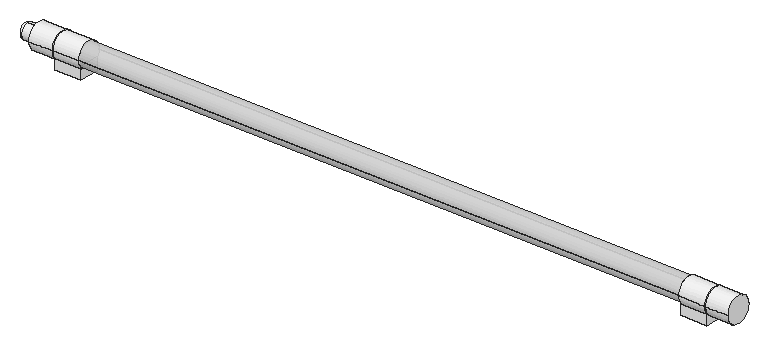
Revit family "0045121 Sylvania_Batten LED_Surface Mounted", category Lighting Fixtures, host Face, Revit 2017
Family settings
  Host = Face
  Round Connector Dimension = Use Diameter
  Part Type = Normal
  OmniClass Number = 23.80.70.11.17
  OmniClass Title = Specialized Lighting by Location or Use
  Cut with Voids When Loaded = No
  Light Source = Yes
  Shared = No
  Room Calculation Point = No
Parameters (values of type "BATTEN LED 24W 1200 830 IP67 - EURO")
  Width = Diameter  # 42.8 mm
  Weight = 0.70 kg
  Wattage = 22.4457 W
  built-in parameter 1150110 = 1 (stored number, unit not read)
  Voltage Comments = "UNV (Universal Voltage; 100-240 Volt)"  # constant formula
  Voltage = 230 V  # constant formula
  URL = "http://www.sylvania-lighting.com"
  Tube Diameter = Diameter - 2.8 mm  # 40.0 mm
  built-in parameter 1114217 = 1 (stored number, unit not read)
  Tilt Angle = -90.00°
  built-in parameter 1150109 = 1 (stored number, unit not read)
  built-in parameter 1150134 = (empty or 0)
  Ta Rating = "from -10°C to +40°C"  # constant formula
  built-in parameter 1150113 = 1 (stored number, unit not read)
  Product Page URL = "http://www.sylvania-lighting.com/product/en-int/products/0045121"
  Product Family = "BATTEN LED"  # constant formula
  Photometry Comments = ""
  Photometric Web File = "0045120_BATTENLED24W1200830IP67-EURO-164098.ies"
  Life = "30 000 h"  # constant formula
  Length = 1200.0 mm
  IP Rating = "IP67"  # constant formula
  IK Rating = "IK08"  # constant formula
  Diameter = 42.8 mm
  Height = 52.8 mm
  Emit from Line Length = Length - 85.0 mm * 2  # 1030.0 mm
  Electrical Protection = "Class II"  # constant formula
  built-in parameter 1114216 [instance] = 1 (stored number, unit not read)
  Model = "BATTEN LED 24W 1200 830 IP67 - EURO"
  Manufacturer = "Feilo Sylvania"
  built-in parameter 1150105 = 429.54 (stored number, unit not read)
  Lumens = 2065 lm
  built-in parameter 1150115 = 1 (stored number, unit not read)
  built-in parameter 1150137 = (empty or 0)
  built-in parameter 1150139 = (empty or 0)
  built-in parameter 1150112 = 1 (stored number, unit not read)
  built-in parameter 1150114 = 1 (stored number, unit not read)
  Lamp Comments = "Integral LED"  # constant formula
  Lamp = "24W"
  built-in parameter 1150132 = 2
  built-in parameter 1150102 = (empty or 0)
  built-in parameter 1150107 = 3000 (stored number, unit not read)
  built-in parameter 1150138 = (empty or 0)
  built-in parameter 1150106 = 4.2954 (stored number, unit not read)
  Cap Radius = 13.0 mm
  CRI ( Ra ) = 80  # constant formula
  Bracket Width = 33.6 mm
  Body Material = Polycarbonate_Sylvania_Batten_White
  built-in parameter 1150104 = 8.5471 (stored number, unit not read)
  Dimming Lamp Color Temperature Shift = <None>
  Diffuser Material = Polycarbonate_Sylvania_Batten_Opaque
  Description = "24W LED Batten. High light output with up to 2,200lm (luminaire output on 4,000K version). High efficiency with up to 92lm/W (total system efficiency on 4,000K version) Warm white (3,000K) or neutral white (4,000K). Fitted with UK or Euro plug. Complete with stainless steel mounting brackets. Quick and easy to install. Long lifetime - 30,000 hours. Instant light"  # constant formula
  Default Elevation = 0.0 mm
  Color Filter = 16777215
  Catalog Number = "0045120 BATTEN LED 24W 1200 830 IP67 - EURO"
  built-in parameter 1140040 [instance] = 1
  Beam Angle = 136.00°  # constant formula
  built-in parameter 1114218 = 1 (stored number, unit not read)
  built-in parameter 1150133 = 10 (stored number, unit not read)
  Assembly Code = "D5020200"
  Apparent Load Comments = ""
  Apparent Load = 24 VA
Types (3, lengths in mm): name | Wattage | built-in parameter 1150134 | Photometric Web File | Model | built-in parameter 1150105 | Lumens | built-in parameter 1150107 | built-in parameter 1150106 | Catalog Number
  BATTEN LED 24W 1200 840 IP67 - UK | 24 W | 12 | "0045124_BATTENLED24W1200840IP67-UK-164119.ies" | "BATTEN LED 24W 1200 840 IP67 - UK" | 175.71 (stored number, unit not read) | 2208 lm | 4000 (stored number, unit not read) | 1.7571 (stored number, unit not read) | "0045124 BATTEN LED 24W 1200 840 IP67 - UK"
  BATTEN LED 24W 1200 830 IP67 - EURO | 22.4457 W | (empty or 0) | "0045120_BATTENLED24W1200830IP67-EURO-164098.ies" | "BATTEN LED 24W 1200 830 IP67 - EURO" | 429.54 (stored number, unit not read) | 2065 lm | 3000 (stored number, unit not read) | 4.2954 (stored number, unit not read) | "0045120 BATTEN LED 24W 1200 830 IP67 - EURO"
  BATTEN LED 24W 1200 840 IP67 - EURO | 23.0109 W | 12 | "0045121_BATTENLED24W1200840IP67-EURO-164109.ies" | "BATTEN LED 24W 1200 840 IP67 - EURO" | 446.12 (stored number, unit not read) | 2117 lm | 4000 (stored number, unit not read) | 4.4612 (stored number, unit not read) | "0045121 BATTEN LED 24W 1200 840 IP67 - EURO"
Reference planes
  plane 1 "Center (Front/Back)": y = 0
  plane 2 "Mounting Plane": z = 0
  plane 3 "Center (Left/Right)": x = 0
  plane 4 "Fixture Right": x = 600
  plane 5 "Fixture Left": x = -600
  plane 6 "Tube Center": z = 31.376
  plane 7: y = 16.8
  plane 8: y = -16.8
  plane 9 "Cap Left": x = -560
  plane 10 "Bracket Left": x = -515
  plane 11 "Bracket Right": x = 515
  plane 12 "Cap Right": x = 560
  plane 13 "Connector plane": x = -625
  plane 14 "Lamp Bottom": z = 51.4
  plane 15 "Fixture Bottom": z = 52.8
  plane 16: z = 20.5
Forms (mm)
  Extrusion 1, solid, material "Polycarbonate_Sylvania_Batten_Opaque" <- "Diffuser Material", detail levels fine
    sketch origin (0, 0, 0) x (0, 1, 0) y (0, 0, 1)
      loop
        circle (0, 31.376) r 20
    from -515 to 515
  Extrusion 2, solid, material "Polycarbonate_Sylvania_Batten_White" <- "Body Material", detail levels fine
    sketch origin (0, 0, 0) x (0, 1, 0) y (0, 0, 1)
      loop
        circle (0, 31.376) r 21.4
    from -560 to -515
  Extrusion 3, solid, material "Polycarbonate_Sylvania_Batten_White" <- "Body Material", detail levels fine
    sketch origin (0, 0, 0) x (0, 1, 0) y (0, 0, 1)
      loop
        circle (0, 31.376) r 21.4
    from -600 to -560
  Extrusion 4, solid, material "Polycarbonate_Sylvania_Batten_White" <- "Body Material", detail levels fine
    sketch origin (160, 0, 0) x (0, 1, 0) y (0, 0, -1)
      loop
        circle (0, -31.376) r 21.4
    from -440 to -400
  Revolve 5, solid, material "Polycarbonate_Sylvania_Batten_White" <- "Body Material", detail levels fine
    sketch origin (0, 0, 0) x (1, 0, 0) y (0, 0, 1)
      loop
        line (-600, 31.376) -> (-600, 44.376) -> (-619, 44.376)
        arc (-619, 44.376) -> (-623.243, 42.618) -> (-625, 38.376) r 6
        line (-625, 38.376) -> (-625, 31.376) -> (-600, 31.376)
      axis (-625, 31.376) -> (-600, 31.376)
    angle from 0 to 360
  Extrusion 6, solid, material "Polycarbonate_Sylvania_Batten_Opaque" <- "Diffuser Material", detail levels coarse+medium
    sketch origin (1860, 0, 0) x (0, 1, 0) y (0, 0, 1)
      loop
        circle (0, 31.376) r 20
    from -2460 to -1260
  Extrusion 7, solid, material "Polycarbonate_Sylvania_Batten_White" <- "Body Material"
    sketch origin (0, 0, 0) x (0, 1, 0) y (0, 0, 1)
      loop
        line (16.8, 0) -> (16.8, 20.5) -> (-16.8, 20.5) -> (-16.8, 0) -> (16.8, 0)
    from -560 to -515
  Extrusion 8, solid, material "Polycarbonate_Sylvania_Batten_White" <- "Body Material", detail levels fine
    sketch origin (0, 0, 0) x (0, 1, 0) y (0, 0, -1)
      loop
        circle (0, -31.376) r 21.4
    from -560 to -515
  Extrusion 9, solid, material "Polycarbonate_Sylvania_Batten_White" <- "Body Material"
    sketch origin (0, 0, 0) x (0, 1, 0) y (0, 0, -1)
      loop
        line (16.8, 0) -> (-16.8, 0) -> (-16.8, -20.5) -> (16.8, -20.5) -> (16.8, 0)
    from -560 to -515
Dimensions and locks
  equal spacing: plane 5 "Fixture Left", plane 3 "Center (Left/Right)", plane 4 "Fixture Right"
  "Length": plane 5 "Fixture Left" to plane 4 "Fixture Right"
  equal spacing: plane 9 "Cap Left", plane 3 "Center (Left/Right)", plane 12 "Cap Right"
  locked: plane 5 "Fixture Left" to plane 9 "Cap Left" at 40
  equal spacing: plane 10 "Bracket Left", plane 3 "Center (Left/Right)", plane 11 "Bracket Right"
  locked: plane 9 "Cap Left" to plane 10 "Bracket Left" at 45
  locked: plane 13 "Connector plane" to plane 5 "Fixture Left" at 25
  equal spacing: plane 8, plane 1 "Center (Front/Back)", plane 7
  "Bracket Width": plane 8 to plane 7
  "Height": plane 15 "Fixture Bottom" to plane 2 "Mounting Plane"
  locked: plane 15 "Fixture Bottom" to plane 14 "Lamp Bottom" at 1.4
  locked: plane 15 "Fixture Bottom" to plane 6 "Tube Center" at 21.424
  locked: plane 15 "Fixture Bottom" to plane 16 at 32.3
  "Cap Radius": Revolve 5 sketch curve to plane 6 "Tube Center"
  "Diameter": diameter of Extrusion 3 sketch curve
  "Diameter": diameter of Extrusion 4 sketch curve
  "Tube Diameter": diameter of Extrusion 1 sketch curve
  "Diameter": diameter of Extrusion 2 sketch curve
  "Tube Diameter": diameter of Extrusion 6 sketch curve
  "Diameter": diameter of Extrusion 8 sketch curve
  aligned and locked: level to host face
  aligned and locked: Extrusion 2 to plane 9 "Cap Left"
  aligned and locked: plane 10 "Bracket Left" to Extrusion 2
  aligned and locked: Extrusion 3 to plane 5 "Fixture Left"
  aligned and locked: plane 9 "Cap Left" to Extrusion 3
  aligned and locked: Extrusion 1 to plane 10 "Bracket Left"
  aligned and locked: plane 11 "Bracket Right" to Extrusion 1
  aligned and locked: Extrusion 4 to plane 12 "Cap Right"
  aligned and locked: plane 4 "Fixture Right" to Extrusion 4
  aligned and locked: plane 5 "Fixture Left" to Revolve 5 sketch curve
  aligned and locked: Revolve 5 sketch curve to plane 13 "Connector plane"
  aligned and locked: Revolve 5 sketch curve to plane 6 "Tube Center"  (x2)
  aligned and locked: level to plane 2 "Mounting Plane"
  aligned and locked: imposter light to plane 3 "Center (Left/Right)"
  aligned and locked: plane 14 "Lamp Bottom" to imposter light
  aligned and locked: Extrusion 6 to plane 5 "Fixture Left"
  aligned and locked: plane 4 "Fixture Right" to Extrusion 6
  aligned and locked: Extrusion 2 to Extrusion 7
  aligned and locked: Extrusion 7 to Extrusion 1
  aligned and locked: plane 8 to Extrusion 7
  aligned and locked: Extrusion 7 to plane 7
  aligned and locked: Extrusion 9 to Extrusion 8
  aligned and locked: plane 12 "Cap Right" to Extrusion 8
  aligned and locked: Extrusion 8 to Extrusion 1
  aligned and locked: Extrusion 9 sketch curve to plane 8
  aligned and locked: Extrusion 9 sketch curve to plane 7
  aligned and locked: host face to Extrusion 9 sketch curve
  aligned and locked: Extrusion 7 sketch curve to host face
  aligned and locked: plane 7 to Extrusion 7 sketch curve
  aligned and locked: plane 8 to Extrusion 7 sketch curve
  aligned and locked: Extrusion 9 to Extrusion 1
  aligned and locked: plane 12 "Cap Right" to Extrusion 9
  aligned and locked: Extrusion 9 sketch curve to plane 16
  aligned and locked: Extrusion 7 sketch curve to plane 16
Automatic sketch dimensions
  host sketch curve to host sketch curve = 1713.741 mm
  host sketch curve to host sketch curve = 1283.632 mm
  Extrusion 1 sketch curve to plane 1 "Center (Front/Back)" = 0.0 mm
  Extrusion 1 sketch curve to plane 6 "Tube Center" = 0.0 mm
  Extrusion 2 sketch curve to plane 1 "Center (Front/Back)" = 0.0 mm
  Extrusion 2 sketch curve to plane 6 "Tube Center" = 0.0 mm
  Extrusion 3 sketch curve to plane 1 "Center (Front/Back)" = 0.0 mm
  Extrusion 3 sketch curve to plane 6 "Tube Center" = 0.0 mm
  Extrusion 4 sketch curve to plane 1 "Center (Front/Back)" = 0.0 mm
  Extrusion 4 sketch curve to plane 6 "Tube Center" = 0.0 mm
  plane 13 "Connector plane" to Revolve 5 sketch curve = 6.0 mm
  Revolve 5 sketch curve to Revolve 5 sketch curve = 29.772 mm
  plane 5 "Fixture Left" to Revolve 5 sketch curve = 17.936 mm
  Extrusion 6 sketch curve to plane 1 "Center (Front/Back)" = 0.0 mm
  Extrusion 6 sketch curve to plane 6 "Tube Center" = 0.0 mm
  Extrusion 8 sketch curve to plane 1 "Center (Front/Back)" = 0.0 mm
  Extrusion 8 sketch curve to plane 6 "Tube Center" = 0.0 mm
Connectors
  electrical at (-625, 0, 31.376), driven by "Voltage", driven by "Apparent Load"
    settings: on Revolve 5, index 1, voltage 230 V, apparent load 0 VA, apparent load phase1 24 VA, apparent load phase2 0 VA, apparent load phase3 0 VA, power factor 1, load classification "Lighting", number of poles 1, system type 31, power factor state 1, is connector primary yes, connector utility no, sub classification motor no, connector description ""
